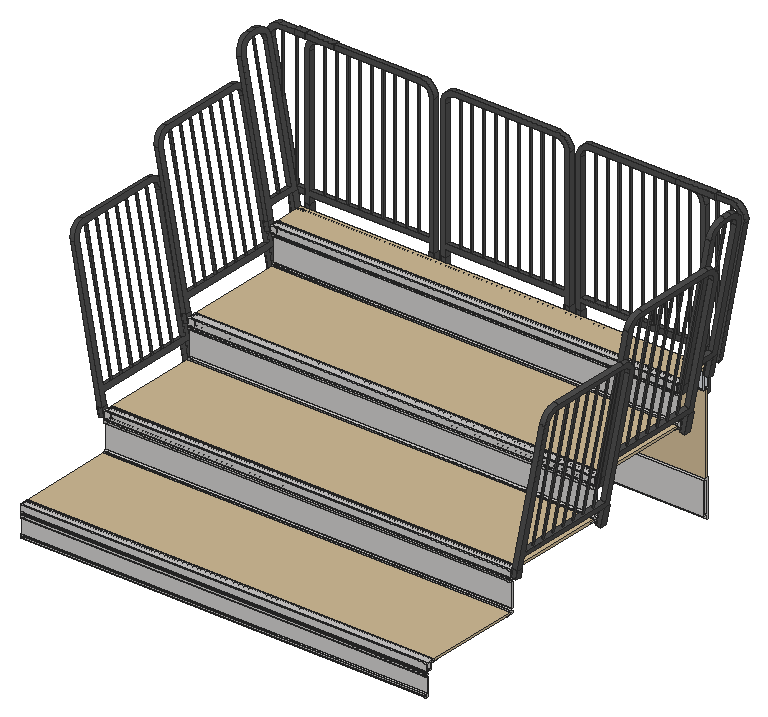
Revit family "Bleacher-Telescopic-Hussey-MAXAM_Plus-Portable-Simplified", category Specialty Equipment, Revit 2025 (continued)
Definition of nested family "Metro Chair-Single Row Array-Simplified"
  Definition of nested family "Metro Chair-Simplified"
    Automatic sketch dimensions
      curve 108 to curve 109 = 0' - 0 1/4"
      curve 107 to curve 108 = 0' - 0.06448"
      curve 107 to curve 108 = 0' - 0.11811"
      curve 157 to plane 5 "Front" = 0' - 0.55366"
      curve 155 to curve 156 = 0' - 0"
      curve 148 to plane 5 "Front" = 0' - 0.58776"
      curve 147 to curve 148 = 0' - 0"
      level to curve 105 = 0' - 0.07865"
      curve 105 to plane 26 "2D Armrest - Back" = 0' - 0.53407"
      level to curve 104 = 0' - 0.00008"
      curve 39 to plane 26 "2D Armrest - Back" = 0' - 0.43363"
      curve 6 to curve 39 = 0' - 0.00085"
      curve 2 to plane 26 "2D Armrest - Back" = 0' - 0.42975"
      curve 163 to plane 26 "2D Armrest - Back" = 0' - 0.42946"
      curve 21 to curve 5 = 0' - 0.00088"
      curve 4 to curve 2 = 0' - 0.01303"
      curve 5 to curve 4 = 0' - 0"
      curve 41 to curve 2 = 0' - 0.02986"
      curve 20 to curve 22 = 0' - 0.03735"
      curve 41 to curve 41 = 0' - 0.00937"
      curve 7 to curve 6 = 0' - 0.05712"
      curve 7 to curve 6 = 0' - 0.02126"
      curve 39 to plane 26 "2D Armrest - Back" = 0' - 0.33399"
      curve 9 to curve 7 = 0' - 0.02294"
      curve 19 to curve 20 = 0' - 0.0748"
      curve 10 to curve 8 = 0' - 0.02245"
      curve 11 to curve 9 = 0' - 0.01989"
      curve 11 to curve 10 = 0' - 0.01891"
      curve 12 to curve 11 = 0' - 0.01729"
      curve 13 to curve 12 = 0' - 0.01477"
      curve 15 to curve 13 = 0' - 0.01104"
      curve 19 to curve 19 = 0' - 0.09499"
      curve 90 to plane 26 "2D Armrest - Back" = 0' - 0.21411"
      curve 3 to plane 26 "2D Armrest - Back" = 0' - 0.13196"
      curve 4 to curve 3 = 0' - 0"
      curve 17 to plane 26 "2D Armrest - Back" = 0' - 0.07157"
      curve 16 to curve 17 = 0' - 0.00649"
      curve 15 to curve 16 = 0' - 0.00285"
      curve 37 to plane 26 "2D Armrest - Back" = 0' - 0.05487"
      curve 4 to plane 26 "2D Armrest - Back" = 0' - 0.02678"
      plane 26 "2D Armrest - Back" to curve 164 = 0' - 0.0265"
      plane 26 "2D Armrest - Back" to curve 36 = 0' - 0.13823"
      curve 34 to curve 35 = 0' - 0.22028"
      plane 26 "2D Armrest - Back" to curve 78 = 0' - 0.5385"
      curve 33 to curve 34 = 0' - 0.2399"
      curve 33 to curve 33 = 0' - 0.25134"
      plane 26 "2D Armrest - Back" to curve 156 = 0' - 0.855"
      plane 26 "2D Armrest - Back" to curve 39 = 0' - 0.93635"
      plane 26 "2D Armrest - Back" to curve 5 = 0' - 0.94809"
      curve 32 to curve 32 = 0' - 0.25424"
      curve 90 to curve 57 = 0' - 0.25258"
      curve 163 to curve 39 = 0' - 0.17798"
      curve 164 to curve 163 = 0' - 0"
      curve 91 to curve 90 = 0' - 0.01991"
      curve 55 to curve 157 = 0' - 0.00174"
      curve 42 to curve 163 = 0' - 0.02104"
      curve 55 to curve 55 = 0' - 0.11189"
      curve 31 to curve 31 = 0' - 0.24854"
      plane 7 "Host Level Offset Top" to curve 62 = 0' - 0.43561"
      plane 26 "2D Armrest - Back" to curve 62 = 0' - 1.3675"
      curve 53 to curve 54 = 0' - 0.26099"
      curve 29 to curve 30 = 0' - 0.23443"
      curve 52 to curve 54 = 0' - 0.16363"
      curve 53 to curve 54 = 0' - 0.29673"
      curve 29 to curve 29 = 0' - 0.21235"
      curve 80 to curve 52 = 0' - 0.33004"
      curve 80 to curve 80 = 0' - 0.00385"
      curve 28 to curve 28 = 0' - 0.30242"
      curve 80 to curve 80 = 0' - 0.20005"
      plane 26 "2D Armrest - Back" to curve 58 = 0' - 2.22497"
      curve 52 to curve 53 = 0' - 0.70545"
      curve 163 to curve 27 = 0' - 0.2719"
      curve 89 to curve 163 = 0' - 0"
      curve 81 to plane 7 "Host Level Offset Top" = 0' - 2.25832"
      curve 81 to curve 52 = 0' - 0.00648"
      curve 27 to curve 163 = 0' - 0.03033"
      curve 70 to curve 53 = 0' - 0.6365"
      curve 71 to curve 70 = 0' - 0"
      curve 69 to curve 80 = 0' - 0.25212"
      curve 70 to curve 69 = 0' - 0"
      curve 72 to curve 71 = 0' - 0.02189"
      curve 71 to curve 72 = 0' - 0"
      curve 68 to curve 69 = 0' - 0.0817"
      curve 69 to curve 68 = 0' - 0"
      curve 71 to curve 71 = 0' - 0.11708"
      curve 72 to curve 71 = 0' - 0 13/128"
      curve 63 to curve 69 = 0' - 0.1247"
      curve 25 to curve 26 = 0' - 0.30203"
      curve 72 to curve 71 = 0' - 0.15611"
      curve 67 to curve 63 = 0' - 0.07171"
      curve 69 to curve 68 = 0' - 0.23778"
      plane 26 "2D Armrest - Back" to curve 164 = 0' - 3.06065"
      plane 7 "Host Level Offset Top" to curve 78 = 0' - 0.79014"
      curve 78 to curve 63 = 0' - 0.82446"
      curve 68 to curve 72 = 0' - 1.22774"
      curve 58 to curve 58 = 0' - 1.7577"
      curve 58 to curve 58 = 0' - 0.07468"
      curve 59 to curve 58 = 0' - 0"
      curve 89 to curve 58 = 0' - 0"  (x2)
      curve 78 to curve 78 = 0' - 0.59893"
      curve 158 to curve 89 = 0' - 0.0615"
      curve 64 to curve 68 = 0' - 0.29448"
      curve 62 to curve 64 = 0' - 0.02752"
      curve 63 to curve 62 = 0' - 0"
      curve 66 to plane 7 "Host Level Offset Top" = 0' - 0.31451"
      curve 66 to curve 78 = 0' - 0.72907"
      curve 67 to curve 66 = 0' - 0"
      curve 137 to curve 164 = 0' - 1.17809"
      curve 66 to curve 67 = 0' - 0.06389"
      curve 48 to curve 25 = 0' - 1.63088"
      curve 158 to curve 48 = 0' - 0"
      curve 99 to plane 7 "Host Level Offset Top" = 0' - 0.32318"
      curve 99 to curve 67 = 0' - 0.1498"
      curve 48 to curve 158 = 0' - 0.02887"
      curve 166 to curve 48 = 0' - 0"
      curve 63 to curve 62 = 0' - 0.18742"
      curve 93 to curve 78 = 0' - 0.32885"
      curve 101 to plane 7 "Host Level Offset Top" = 0' - 0.39556"
      curve 61 to curve 63 = 0' - 0.06604"
      curve 64 to curve 61 = 0' - 0.01623"
      curve 65 to curve 64 = 0' - 0"
      curve 65 to curve 101 = 0' - 0.03202"
      curve 66 to curve 65 = 0' - 0"
      curve 88 to plane 7 "Host Level Offset Top" = 0' - 2.44628"
      curve 88 to curve 65 = 0' - 0.00823"
      curve 92 to curve 78 = 0' - 0.40904"
      curve 47 to curve 164 = 0' - 1.46411"
      curve 166 to curve 47 = 0' - 0"
      curve 61 to curve 64 = 0' - 0.14339"
      curve 82 to plane 7 "Host Level Offset Top" = 0' - 1.29242"
      curve 87 to plane 7 "Host Level Offset Top" = 0' - 1.4534"
      curve 93 to curve 92 = 0' - 0.16256"
      curve 83 to curve 82 = 0' - 0.05884"
      curve 112 to curve 92 = 0' - 0.13429"
      curve 60 to plane 7 "Host Level Offset Top" = 0' - 2.58206"
      curve 60 to curve 61 = 0' - 0.10332"
      curve 93 to curve 92 = 0' - 0.23493"
      plane 7 "Host Level Offset Top" to curve 100 = 0' - 0.62961"
      curve 100 to curve 94 = 0' - 0.09521"
      curve 98 to curve 100 = 0' - 0.03629"
      curve 86 to curve 87 = 0' - 0.15883"
      curve 83 to curve 86 = 0' - 0.01488"
      plane 7 "Host Level Offset Top" to curve 101 = 0' - 0 155/256"
      curve 101 to curve 100 = 0' - 0.07495"
      curve 98 to curve 98 = 0' - 0.07485"
      curve 98 to curve 98 = 0' - 0.02413"
      curve 83 to curve 82 = 0' - 0.156"
      curve 86 to curve 86 = 0' - 0.19966"
      curve 143 to curve 158 = 0' - 0.82017"
      curve 161 to curve 143 = 0' - 0.03769"
      curve 49 to curve 161 = 0' - 0.14321"
      curve 95 to curve 94 = 0' - 0.5613"
      plane 7 "Host Level Offset Top" to curve 96 = 0' - 0.67221"
      curve 96 to curve 98 = 0' - 0.37473"
      curve 95 to curve 94 = 0' - 0.07241"
      curve 137 to curve 49 = 0' - 0.13468"
      curve 43 to curve 161 = 0' - 0.38511"
      curve 49 to curve 43 = 0' - 0"
      curve 86 to curve 86 = 0' - 0.46645"
      curve 85 to curve 86 = 0' - 0"
      curve 84 to curve 61 = 0' - 0 97/128"
      plane 7 "Host Level Offset Top" to curve 97 = 0' - 0.59992"
      curve 97 to curve 96 = 0' - 0.22453"
      curve 59 to curve 84 = 0' - 0.01633"
      curve 95 to curve 95 = 0' - 0.22491"
      curve 84 to curve 84 = 0' - 0.041"
      curve 85 to curve 84 = 0' - 0 1/16"
      curve 84 to curve 85 = 0' - 0"
      curve 47 to curve 137 = 0' - 1.26275"
      curve 50 to curve 47 = 0' - 0"
      curve 67 to curve 137 = 0' - 0.30721"
      curve 25 to curve 48 = 0' - 1.30621"
      curve 50 to curve 50 = 0' - 0.21068"
      curve 46 to curve 50 = 0' - 0.09855"
      plane 7 "Host Level Offset Top" to curve 96 = 0' - 2.90605"
      curve 51 to curve 50 = 0' - 0.34523"
      curve 165 to curve 24 = 0' - 0.39092"
      curve 75 to curve 165 = 0' - 0"
      curve 44 to curve 47 = 0' - 1.54354"
      curve 165 to curve 44 = 0' - 0"
      level to curve 77 = 0' - 5.00581"
      curve 75 to curve 24 = 0' - 0.5061"
      curve 43 to curve 75 = 0' - 0"
      curve 46 to curve 51 = 0' - 0.14782"
      curve 45 to curve 51 = 0' - 0.293"
      curve 44 to curve 45 = 0' - 0"
      curve 102 to plane 27 "2D Armrest - Front" = 0' - 3.86174"
      curve 51 to curve 44 = 0' - 0.05491"
      curve 45 to curve 51 = 0' - 0"
      curve 24 to curve 75 = 0' - 1.13647"
      curve 136 to curve 42 = 0' - 0.86248"
      curve 73 to curve 136 = 0' - 0.00009"
      curve 24 to plane 27 "2D Armrest - Front" = 0' - 2.10928"
      curve 45 to curve 136 = 0' - 0.92052"
      curve 76 to curve 45 = 0' - 0.02594"
      curve 3 to curve 76 = 0' - 0"
      curve 74 to curve 45 = 0' - 0.11091"
      curve 76 to curve 74 = 0' - 0.0199"
      curve 74 to curve 74 = 0' - 0.11847"
      curve 130 to curve 74 = 0' - 0.00426"
      curve 130 to curve 23 = 0' - 0.19054"
      curve 131 to curve 3 = 0' - 0.41781"
      curve 40 to curve 76 = 0' - 0.40558"
      curve 40 to curve 40 = 0' - 0.00938"
      curve 74 to curve 74 = 0' - 0.48174"
      curve 136 to curve 74 = 0' - 0"
      curve 76 to curve 40 = 0' - 0.06507"
      curve 73 to curve 2 = 0' - 0.0231"
      curve 160 to plane 27 "2D Armrest - Front" = 0' - 0.6397"
      curve 136 to curve 131 = 0' - 0.00496"
      curve 134 to curve 73 = 0' - 0.22758"
      curve 130 to plane 27 "2D Armrest - Front" = 0' - 0.33111"
      curve 161 to plane 27 "2D Armrest - Front" = 0' - 0.09808"
      curve 135 to plane 27 "2D Armrest - Front" = 0' - 0.08963"
      plane 27 "2D Armrest - Front" to curve 131 = 0' - 0.00515"
      plane 27 "2D Armrest - Front" to curve 162 = 0' - 0.05514"
      plane 27 "2D Armrest - Front" to curve 129 = 0' - 0.15185"
      plane 27 "2D Armrest - Front" to curve 160 = 0' - 0.20836"
      curve 162 to curve 160 = 0' - 0"
      plane 27 "2D Armrest - Front" to curve 129 = 0' - 0 9/32"
      plane 27 "2D Armrest - Front" to curve 143 = 0' - 0.30279"
      curve 142 to curve 143 = 0' - 0"
      plane 27 "2D Armrest - Front" to curve 133 = 0' - 0.66488"
      curve 47 to curve 129 = 0' - 0.58883"
      curve 132 to curve 47 = 0' - 0.29753"
      curve 44 to curve 132 = 0' - 0.09752"
      plane 27 "2D Armrest - Front" to curve 159 = 0' - 1.59528"
      curve 146 to curve 159 = 0' - 0.04945"
      curve 159 to curve 159 = 0' - 0.09355"
      curve 160 to curve 159 = 0' - 0"
      curve 127 to curve 44 = 0' - 1.78449"
      curve 133 to curve 127 = 0' - 0.03"
      curve 127 to curve 127 = 0' - 0.12941"
      curve 141 to curve 160 = 0' - 1.74489"
      curve 142 to curve 141 = 0' - 0"
      curve 126 to curve 127 = 0' - 0.48297"
      curve 146 to curve 141 = 0' - 1.44211"
      curve 138 to curve 146 = 0' - 0"
      curve 141 to plane 7 "Host Level Offset Top" = 0' - 2.95234"
      curve 141 to curve 146 = 0' - 0.78875"
      curve 138 to curve 138 = 0' - 1.55688"
      curve 139 to curve 138 = 0' - 0"
      curve 145 to curve 138 = 0' - 0.14966"
      curve 139 to curve 138 = 0' - 0.15823"
      curve 145 to curve 139 = 0' - 0"
      curve 139 to curve 139 = 0' - 0.06343"
      curve 144 to curve 145 = 0' - 0.12496"
      curve 141 to curve 144 = 0' - 0.04062"
      curve 144 to curve 141 = 0' - 0"
      curve 138 to curve 141 = 0' - 1.20309"
      curve 144 to curve 144 = 0' - 0 1/4"
      curve 140 to curve 145 = 0' - 0 3/8"
      plane 27 "2D Armrest - Front" to curve 42 = 0' - 7.46407"
      curve 166 to curve 141 = 0' - 2.59762"
      plane 27 "2D Armrest - Front" to curve 148 = 1' - 1.67673"
      curve 146 to plane 6 "Host Level Offset Bottom" = 0' - 2.52375"
      curve 146 to curve 42 = 0' - 7.86841"
      curve 165 to curve 166 = 0' - 10.58764"
      curve 75 to curve 165 = 0' - 4.48505"
      plane 27 "2D Armrest - Front" to curve 142 = 2' - 1.49874"
      plane 27 "2D Armrest - Front" to curve 22 = 2' - 8.12853"
      curve 2 to curve 22 = 0' - 0.00037"
      curve 3 to curve 2 = 0' - 0.01779"
      curve 48 to plane 7 "Host Level Offset Top" = 0' - 11.28697"
      curve 48 to curve 75 = 2' - 11.60752"
      plane 5 "Front" to curve 120 = 0' - 0 1/16"
      curve 148 to plane 14 "Attachment to Riser" = 0' - 0.24601"
      curve 149 to curve 148 = 0' - 0"
      curve 119 to plane 14 "Attachment to Riser" = 0' - 0 1/16"
      curve 122 to plane 14 "Attachment to Riser" = 0' - 0 1/16"
      plane 14 "Attachment to Riser" to curve 143 = 0' - 0.30921"
      plane 14 "Attachment to Riser" to curve 154 = 0' - 1.3076"
      curve 155 to curve 154 = 0' - 0"
      plane 14 "Attachment to Riser" to curve 149 = 0' - 1.36844"
      curve 150 to curve 149 = 0' - 0"
      plane 14 "Attachment to Riser" to curve 85 = 0' - 1.60613"
      curve 149 to curve 151 = 0' - 0.79141"
      curve 150 to curve 151 = 0' - 0.11422"
      curve 150 to curve 151 = 0' - 0.25229"
      curve 151 to curve 152 = 0' - 0"  (x2)
      curve 151 to curve 153 = 0' - 0.18272"
      curve 152 to curve 152 = 0' - 0.1839"
      curve 153 to curve 153 = 0' - 0.28476"
      curve 154 to curve 150 = 0' - 0.40406"
      plane 14 "Attachment to Riser" to curve 49 = 0' - 3.57393"
      curve 150 to curve 149 = 0' - 3.59015"
      curve 49 to curve 43 = 0' - 3.44678"
      curve 149 to curve 154 = 0' - 0.97606"
      curve 43 to curve 90 = 0' - 1.0578"
      curve 89 to plane 7 "Host Level Offset Top" = 0' - 2.16194"
      curve 90 to curve 89 = 0' - 0.32978"
      curve 43 to curve 147 = 0' - 1.5269"
      curve 158 to plane 7 "Host Level Offset Top" = 1' - 0.63033"
      curve 147 to curve 158 = 1' - 7.96726"
      plane 6 "Host Level Offset Bottom" to curve 155 = 0' - 3.27369"
      curve 158 to curve 155 = 3' - 7.00623"
      curve 57 to plane 6 "Host Level Offset Bottom" = 1' - 1.14626"
      curve 155 to curve 57 = 4' - 1.77768"
      curve 2 to curve 22 = 0' - 0.0022"
      curve 3 to curve 2 = 0' - 0.10215"
      curve 42 to plane 6 "Host Level Offset Bottom" = 0' - 11.46716"
      curve 105 to curve 105 = 0' - 0.4867"
      curve 105 to curve 107 = 0' - 0.26152"
      curve 107 to curve 116 = 0' - 0.56797"
      curve 115 to curve 121 = 0' - 0 1/16"
      curve 119 to curve 118 = 0' - 0 15/16"
      curve 108 to curve 111 = 0' - 1 5/8"
      curve 109 to curve 124 = 0' - 0 5/8"
      curve 111 to curve 111 = 0' - 0 1/4"
      curve 123 to curve 123 = 0' - 0 15/16"
      curve 121 to curve 115 = 0' - 0 1/16"
      curve 92 to curve 93 = 0' - 0.76296"
      curve 92 to curve 93 = 0' - 0.02469"
      curve 95 to curve 95 = 0' - 0.07242"
      curve 83 to curve 83 = 0' - 0.06624"
      curve 87 to curve 87 = 0' - 0.07406"
      curve 79 to curve 70 = 0' - 0.1136"
      curve 80 to curve 80 = 0' - 0.13095"
      curve 52 to curve 52 = 0' - 0.32896"
      curve 53 to curve 53 = 0' - 0.17986"
      curve 53 to curve 54 = 0' - 0.97126"
      curve 56 to curve 157 = 0' - 0.08073"
      curve 90 to curve 57 = 0' - 0.05599"
      curve 49 to curve 161 = 0' - 0.00445"
      curve 89 to curve 90 = 0' - 4.05224"
      curve 147 to curve 43 = 0' - 1.70385"
      curve 33 to curve 90 = 0' - 0.61468"
      curve 32 to curve 32 = 0' - 0.00764"
      curve 32 to curve 34 = 0' - 0 5/128"
      curve 31 to curve 30 = 0' - 0.05408"
      curve 33 to curve 35 = 0' - 0.08453"
      curve 30 to curve 29 = 0' - 0.0987"
      curve 34 to curve 36 = 0' - 0.12718"
      curve 29 to curve 28 = 0' - 0.14002"
      curve 37 to curve 90 = 0' - 0.19834"
      curve 28 to curve 163 = 0' - 0.181"
      curve 163 to curve 26 = 0' - 0.06167"
      curve 37 to curve 39 = 0' - 0.22434"
      curve 39 to curve 164 = 0' - 0.43076"
      curve 39 to curve 6 = 0' - 0.00784"
      curve 6 to curve 6 = 0' - 0.32494"
      curve 6 to curve 7 = 0' - 0.09717"
      curve 7 to curve 8 = 0' - 0.1049"
      curve 8 to curve 10 = 0' - 0.105"
      curve 9 to curve 10 = 0' - 0.09644"
      curve 10 to curve 12 = 0' - 0.09664"
      curve 11 to curve 13 = 0' - 0.09694"
      curve 12 to curve 13 = 0' - 0.09736"
      curve 13 to curve 14 = 0' - 0.09785"
      curve 147 to curve 16 = 0' - 0.1063"
      curve 15 to curve 17 = 0' - 0.06187"
      curve 14 to curve 19 = 0' - 0.10984"
      curve 141 to curve 166 = 0' - 4.29751"
      curve 19 to curve 18 = 0' - 0.01892"
      curve 16 to curve 18 = 0' - 0.06159"
      curve 20 to curve 2 = 0' - 0.19131"
      curve 21 to curve 5 = 0' - 0.04047"
      curve 130 to curve 76 = 0' - 1.68887"
      curve 130 to curve 47 = 0' - 0.17122"
      curve 47 to curve 128 = 0' - 0.11811"
      curve 128 to curve 135 = 0' - 0.35355"
      curve 135 to curve 135 = 0' - 0.0647"
      curve 74 to curve 130 = 0' - 0.00097"
      curve 47 to curve 128 = 0' - 0.89457"
      curve 47 to curve 132 = 0' - 1.07138"
      curve 132 to curve 44 = 0' - 0.06826"
      curve 127 to curve 127 = 0' - 0.48297"
      curve 73 to curve 136 = 0' - 0.00048"
      curve 73 to curve 134 = 0' - 0.07164"
      curve 153 to curve 153 = 0' - 0.13457"
      curve 153 to curve 151 = 0' - 0.08911"
    Nested families (in)
      nested 1: "Metro Chair-2D Plan" at (-109.5, -12, 17), type "Metro Chair-2D Plan"
    Definition of nested family "Metro Chair-2D Plan"
      Parameters
        Default Elevation = 0' - 0"
        Created By = "Revitus"  # constant formula
        Creator URL = "http://www.revituspro.com/"
      Reference planes (in)
        plane 1 "Center (Front/Back)": y = 0
        plane 2: z = 0
        plane 3 "Center (Left/Right)": x = 0
      Lines and regions (in)
        Masking region 1
          outline origin (109.57707, 11.99477, 0) x (1, 0, 0) y (0, 1, 0)
            loop
              arc (-114.44926, -8.83618) -> (-115.08126, -8.94929) -> (-115.70753, -9.0907) r 14.27785
              arc (-115.70753, -9.0907) -> (-116.20556, -9.23429) -> (-116.68883, -9.42164) r 5.81636
              arc (-116.68883, -9.42164) -> (-117.011, -9.59758) -> (-117.29313, -9.83243) r 1.89191
              arc (-117.29313, -9.83243) -> (-117.46059, -10.07738) -> (-117.54238, -10.36259) r 0.93009
              arc (-117.54238, -10.36259) -> (-117.55749, -10.5444) -> (-117.57095, -10.72635) r 20.12699
              arc (-117.57095, -10.72635) -> (-117.64499, -12.08845) -> (-117.89752, -13.42899) r 10.34978
              arc (-117.89752, -13.42899) -> (-117.97658, -13.7437) -> (-118.05726, -14.05799) r 63.50731
              line (-118.05726, -14.05799) -> (-118.08112, -14.15075)
              arc (-118.08112, -14.15075) -> (-118.14175, -14.38729) -> (-118.20133, -14.6241) r 54.94124
              arc (-118.20133, -14.6241) -> (-118.26569, -14.90445) -> (-118.31945, -15.18701) r 7.64437
              arc (-118.31945, -15.18701) -> (-118.40719, -15.84832) -> (-118.46583, -16.51284) r 15.2029
              line (-118.46583, -16.51284) -> (-118.4805, -16.69575) -> (-118.50241, -16.95935) -> (-118.53395, -17.335)
              arc (-118.53395, -17.335) -> (-118.457, -17.48387) -> (-118.30054, -17.54391) r 0.23557
              line (-118.30054, -17.54391) -> (-117.18551, -17.53971)
              arc (-117.18551, -17.53971) -> (-117.00993, -17.46042) -> (-116.94956, -17.27747) r 0.23949
              arc (-116.94956, -17.27747) -> (-116.95084, -17.04557) -> (-116.94811, -16.81367) r 13.38597
              arc (-116.94811, -16.81367) -> (-116.90069, -16.27266) -> (-116.81229, -15.73681) r 7.14097
              arc (-116.81229, -15.73681) -> (-116.66021, -15.11684) -> (-116.44157, -14.51709) r 5.85858
              arc (-116.44157, -14.51709) -> (-116.36868, -14.35986) -> (-116.28861, -14.20616) r 3.75283
              arc (-116.28861, -14.20616) -> (-116.00556, -14.05744) -> (-115.70156, -13.95837) r 1.89664
              arc (-115.70156, -13.95837) -> (-115.42559, -13.88799) -> (-115.1478, -13.82518) r 10.42316
              arc (-115.1478, -13.82518) -> (-114.81268, -13.75676) -> (-114.47641, -13.69417) r 19.68683
              arc (-114.47641, -13.69417) -> (-114.06818, -13.62437) -> (-113.65908, -13.55986) r 31.98673
              arc (-113.65908, -13.55986) -> (-113.11985, -13.48242) -> (-112.57949, -13.4133) r 35.32242
              arc (-112.57949, -13.4133) -> (-111.80159, -13.32905) -> (-111.02176, -13.26518) r 29.90804
              arc (-111.02176, -13.26518) -> (-110.29984, -13.2277) -> (-109.57707, -13.21444) r 21.56131
              arc (-109.57707, -13.21444) -> (-108.8543, -13.2277) -> (-108.13238, -13.26518) r 21.56131
              arc (-108.13238, -13.26518) -> (-107.35254, -13.32905) -> (-106.57464, -13.4133) r 29.90804
              arc (-106.57464, -13.4133) -> (-106.03429, -13.48242) -> (-105.49506, -13.55986) r 35.32242
              arc (-105.49506, -13.55986) -> (-105.08596, -13.62437) -> (-104.67772, -13.69417) r 31.98673
              arc (-104.67772, -13.69417) -> (-104.34146, -13.75676) -> (-104.00633, -13.82518) r 19.68683
              arc (-104.00633, -13.82518) -> (-103.72854, -13.88799) -> (-103.45258, -13.95837) r 10.42316
              arc (-103.45258, -13.95837) -> (-103.14857, -14.05744) -> (-102.86553, -14.20616) r 1.89664
              arc (-102.86553, -14.20616) -> (-102.78546, -14.35986) -> (-102.71256, -14.51709) r 3.75283
              arc (-102.71256, -14.51709) -> (-102.49393, -15.11684) -> (-102.34184, -15.73681) r 5.85858
              arc (-102.34184, -15.73681) -> (-102.25344, -16.27266) -> (-102.20603, -16.81367) r 7.14097
              arc (-102.20603, -16.81367) -> (-102.20329, -17.04557) -> (-102.20457, -17.27747) r 13.38597
              arc (-102.20457, -17.27747) -> (-102.1442, -17.46042) -> (-101.96863, -17.53971) r 0.23949
              line (-101.96863, -17.53971) -> (-100.8536, -17.54391)
              arc (-100.8536, -17.54391) -> (-100.69714, -17.48387) -> (-100.62018, -17.335) r 0.23557
              line (-100.62018, -17.335) -> (-100.65173, -16.95935) -> (-100.67363, -16.69575) -> (-100.6883, -16.51284)
              arc (-100.6883, -16.51284) -> (-100.74694, -15.84832) -> (-100.83468, -15.18701) r 15.2029
              arc (-100.83468, -15.18701) -> (-100.88845, -14.90445) -> (-100.95281, -14.6241) r 7.64437
              arc (-100.95281, -14.6241) -> (-101.01238, -14.38729) -> (-101.07301, -14.15075) r 54.94124
              line (-101.07301, -14.15075) -> (-101.09687, -14.05799)
              arc (-101.09687, -14.05799) -> (-101.17755, -13.7437) -> (-101.25662, -13.42899) r 63.50731
              arc (-101.25662, -13.42899) -> (-101.50915, -12.08845) -> (-101.58318, -10.72635) r 10.34978
              arc (-101.58318, -10.72635) -> (-101.59664, -10.5444) -> (-101.61175, -10.36259) r 20.12699
              arc (-101.61175, -10.36259) -> (-101.69355, -10.07738) -> (-101.861, -9.83243) r 0.93009
              arc (-101.861, -9.83243) -> (-102.14313, -9.59758) -> (-102.4653, -9.42164) r 1.89191
              arc (-102.4653, -9.42164) -> (-102.94857, -9.23429) -> (-103.4466, -9.0907) r 5.81636
              arc (-103.4466, -9.0907) -> (-104.07288, -8.94929) -> (-104.70487, -8.83618) r 14.27785
              arc (-104.70487, -8.83618) -> (-105.42099, -8.73397) -> (-106.13987, -8.65342) r 23.97251
              arc (-106.13987, -8.65342) -> (-106.95432, -8.58448) -> (-107.77027, -8.53637) r 31.99767
              arc (-107.77027, -8.53637) -> (-108.67343, -8.50495) -> (-109.57707, -8.49477) r 38.43776
              arc (-109.57707, -8.49477) -> (-110.48071, -8.50495) -> (-111.38386, -8.53637) r 38.43776
              arc (-111.38386, -8.53637) -> (-112.19981, -8.58448) -> (-113.01427, -8.65342) r 31.99767
              arc (-113.01427, -8.65342) -> (-113.73314, -8.73397) -> (-114.44926, -8.83618) r 23.97251
            loop
              arc (-109.57707, -14.03505) -> (-112.00982, -14.13419) -> (-114.43848, -14.30649) r 80.89249
              arc (-114.43848, -14.30649) -> (-114.78323, -14.35257) -> (-115.12523, -14.4159) r 6.92664
              arc (-115.12523, -14.4159) -> (-115.74074, -14.72617) -> (-116.14273, -15.2861) r 1.4462
              arc (-116.14273, -15.2861) -> (-116.21214, -15.58271) -> (-116.25854, -15.88377) r 3.9602
              arc (-116.25854, -15.88377) -> (-116.31031, -16.70559) -> (-116.32416, -17.52892) r 17.86323
              arc (-116.32416, -17.52892) -> (-116.33953, -17.85271) -> (-116.36909, -18.17552) r 7.39074
              arc (-116.36909, -18.17552) -> (-116.49609, -18.69425) -> (-116.71446, -19.18161) r 2.9527
              arc (-116.71446, -19.18161) -> (-117.10122, -19.91263) -> (-117.25753, -20.72475) r 2.79982
              arc (-117.25753, -20.72475) -> (-117.22822, -21.15131) -> (-117.20422, -21.5782) r 34.37689
              arc (-117.20422, -21.5782) -> (-117.11629, -21.80862) -> (-116.95159, -21.99218) r 0.67622
              arc (-116.95159, -21.99218) -> (-116.37688, -22.30061) -> (-115.75605, -22.5006) r 3.60984
              arc (-115.75605, -22.5006) -> (-112.68598, -23.01834) -> (-109.57707, -23.18583) r 27.50676
              arc (-109.57707, -23.18583) -> (-106.46816, -23.01834) -> (-103.39809, -22.5006) r 27.50676
              arc (-103.39809, -22.5006) -> (-102.77726, -22.30061) -> (-102.20255, -21.99218) r 3.60984
              arc (-102.20255, -21.99218) -> (-102.03784, -21.80862) -> (-101.94991, -21.5782) r 0.67622
              arc (-101.94991, -21.5782) -> (-101.92591, -21.15131) -> (-101.8966, -20.72475) r 34.37689
              arc (-101.8966, -20.72475) -> (-102.05292, -19.91263) -> (-102.43967, -19.18161) r 2.79982
              arc (-102.43967, -19.18161) -> (-102.65804, -18.69425) -> (-102.78505, -18.17552) r 2.9527
              arc (-102.78505, -18.17552) -> (-102.8146, -17.85271) -> (-102.82998, -17.52892) r 7.39074
              arc (-102.82998, -17.52892) -> (-102.84382, -16.70559) -> (-102.89559, -15.88377) r 17.86323
              arc (-102.89559, -15.88377) -> (-102.942, -15.58271) -> (-103.0114, -15.2861) r 3.9602
              arc (-103.0114, -15.2861) -> (-103.41339, -14.72617) -> (-104.0289, -14.4159) r 1.4462
              arc (-104.0289, -14.4159) -> (-104.37091, -14.35257) -> (-104.71566, -14.30649) r 6.92664
              arc (-104.71566, -14.30649) -> (-107.14432, -14.13419) -> (-109.57707, -14.03505) r 80.89249
      Dimensions and locks (in)
        aligned and locked: level to plane 2
  Definition of nested family "Metro Chair-Folded-Simplified"
    Parameters
      URL = "http://www.husseyseating.com/"
      Stanchion Color = none
      Show Metro Chair = yes
      Show Cup Holders = yes
      Show Arms = yes
      Seat Width = 1' - 9"
      Seat Color = none
      Seat Back Color = none
      No Arms = not(Show Arms)  # no
      Model = "Metro Chair"
      Manufacturer = "Hussey Seating Company"  # constant formula
      Default Elevation = 0' - 0"
      Created By = "Revitus"  # constant formula
      Creator URL = "http://www.revituspro.com/"
      Assembly Code = ""
    Reference planes (in)
      plane 1: z = 0
      plane 2 "Center (Left/Right)": x = -109.5
      plane 3 "Left": x = -120
      plane 4 "Right": x = -99
      plane 5 "Front": y = -12
      plane 6 "Host Level Offset Bottom": z = -8
      plane 7 "Host Level Offset Top": z = 8
      plane 8: x = -100.1875
      plane 9: x = -97.8125
      plane 10: x = -118.8125
      plane 11: x = -121.1875
      plane 12 "Seat - Right": x = -101
      plane 13 "Seat - Left": x = -118
      plane 14: x = -98.0625
      plane 15: x = -99.9375
      plane 16: x = -120.9375
      plane 17: x = -119.0625
      plane 18: x = -99.5
      plane 19: x = -98.5
      plane 20: x = -119.5
      plane 21: x = -120.5
      plane 22: x = -102.5
      plane 23: x = -116.5
      plane 24 "Attachment to Riser": y = -10.625
      plane 25: y = -13.36174
      plane 26: y = -23.61174
    Lines and regions (in)
      Masking region 1, visible <- "Show Arms"
        outline origin (0, 0, 8) x (0, -1, 0) y (1, 0, 0)
          loop
            arc (23.61174, -119.8125) -> (23.31885, -119.10539) -> (22.61174, -118.8125) r 1
            line (22.61174, -118.8125) -> (14.36174, -118.8125)
            arc (14.36174, -118.8125) -> (13.65463, -119.10539) -> (13.36174, -119.8125) r 1
            line (13.36174, -119.8125) -> (13.36174, -120.1875)
            arc (13.36174, -120.1875) -> (13.65463, -120.89461) -> (14.36174, -121.1875) r 1
            line (14.36174, -121.1875) -> (22.61174, -121.1875)
            arc (22.61174, -121.1875) -> (23.31885, -120.89461) -> (23.61174, -120.1875) r 1
            line (23.61174, -120.1875) -> (23.61174, -119.8125)
      Masking region 2, visible <- "Show Arms"
        outline origin (0, 0, 8) x (0, -1, 0) y (1, 0, 0)
          loop
            line (13.36174, -98.8125) -> (13.36174, -99.1875)
            arc (13.36174, -99.1875) -> (13.65463, -99.89461) -> (14.36174, -100.1875) r 1
            line (14.36174, -100.1875) -> (22.61174, -100.1875)
            arc (22.61174, -100.1875) -> (23.31885, -99.89461) -> (23.61174, -99.1875) r 1
            line (23.61174, -99.1875) -> (23.61174, -98.8125)
            arc (23.61174, -98.8125) -> (23.31885, -98.10539) -> (22.61174, -97.8125) r 1
            line (22.61174, -97.8125) -> (14.36174, -97.8125)
            arc (14.36174, -97.8125) -> (13.65463, -98.10539) -> (13.36174, -98.8125) r 1
      model lines, visible <- "Show Metro Chair"
        curve 1: line (-120, -6.06648, 0) -> (-99, -6.06648, 0)
      model lines
        curve 2: line (-109.5, -19.75, 4.93608) -> (-109.5, -19.75, 0.00008)
        curve 3: line (-109.5, -19.75, 0.00008) -> (-109.5, -12.90623, 0.00008)
        curve 4: arc (-109.5, -12.90623, 0.00008) -> (-109.5, -12.85068, 0.02309) -> (-109.5, -12.82767, 0.07865) r 0.07856
        curve 5: line (-109.5, -12.82767, 0.07865) -> (-109.5, -12.82767, 0.56535)
        curve 6: line (-109.5, -12.82767, 0.56535) -> (-109.5, -12.31448, 0.82687)
        curve 7: arc (-109.5, -12.31448, 0.82687) -> (-109.5, -12.2674, 0.8704) -> (-109.5, -12.25, 0.93211) r 0.11811
        curve 8: line (-109.5, -12.25, 0.93211) -> (-109.5, -12.25, 3.87508)
        curve 9: line (-109.5, -12.25, 3.87508) -> (-109.5, -12, 3.87508)
        curve 10: line (-109.5, -12, 5.25008) -> (-109.5, -12.25, 5.25008)
        curve 11: line (-109.5, -12.25, 5.25008) -> (-109.5, -12.25, 5.50008)
        curve 12: line (-109.5, -12.25, 5.50008) -> (-109.5, -17.9828, 5.50008)
        curve 13: line (-109.5, -17.9828, 5.50008) -> (-109.5, -19.75, 4.93608)
        curve 14: line (-109.5, -10.625, 5.50008) -> (-109.5, -12, 5.50008)
        curve 15: line (-109.5, -12, 5.50008) -> (-109.5, -12, 1.50008)
        curve 16: line (-109.5, -12, 1.50008) -> (-109.5, -10.625, 1.50008)
        curve 17: line (-109.5, -10.625, 1.50008) -> (-109.5, -10.625, 2.50008)
        curve 18: line (-109.5, -10.625, 2.50008) -> (-109.5, -10.6875, 2.50008)
        curve 19: line (-109.5, -10.6875, 2.50008) -> (-109.5, -10.6875, 1.56258)
        curve 20: line (-109.5, -10.6875, 1.56258) -> (-109.5, -11.9375, 1.56258)
        curve 21: line (-109.5, -11.9375, 1.56258) -> (-109.5, -11.9375, 5.43758)
        curve 22: line (-109.5, -11.9375, 5.43758) -> (-109.5, -10.6875, 5.43758)
        curve 23: line (-109.5, -10.6875, 5.43758) -> (-109.5, -10.6875, 4.50008)
        curve 24: line (-109.5, -10.6875, 4.50008) -> (-109.5, -10.625, 4.50008)
        curve 25: line (-109.5, -10.625, 4.50008) -> (-109.5, -10.625, 5.50008)
        curve 79: line (-109.5, -26.59825, 4.43914) -> (-109.5, -27.13896, 4.99906)
        curve 80: arc (-109.5, -27.13896, 4.99906) -> (-109.5, -27.24097, 5.06956) -> (-109.5, -27.36229, 5.09521) r 0.31496
        curve 81: line (-109.5, -27.36229, 5.09521) -> (-109.5, -28.36561, 5.02577)
        curve 82: line (-109.5, -28.36561, 5.02577) -> (-109.5, -29.34722, 4.80611)
        curve 83: line (-109.5, -29.34722, 4.80611) -> (-109.5, -29.42411, 4.78147)
        curve 84: arc (-109.5, -29.42411, 4.78147) -> (-109.5, -29.93232, 4.74956) -> (-109.5, -30.44065, 4.71964) r 129.75863
        curve 85: arc (-109.5, -32.16592, 0.81768) -> (-109.5, -32.08179, 0.80544) -> (-109.5, -31.99722, 0.79679) r 2
        curve 86: arc (-109.5, -31.99722, 0.79679) -> (-109.5, -29.12693, 0.81369) -> (-109.5, -26.30249, 1.32499) r 16.59303
        curve 87: line (-109.5, -26.30249, 1.32499) -> (-109.5, -25.91824, 2.27604)
        curve 88: arc (-109.5, -25.91824, 2.27604) -> (-109.5, -25.91094, 2.37102) -> (-109.5, -25.95973, 2.45283) r 0.15748
        curve 89: arc (-109.5, -27.59462, 3.73928) -> (-109.5, -27.00964, 3.10552) -> (-109.5, -26.31086, 2.59999) r 4.33877
        curve 90: arc (-109.5, -26.31086, 2.59999) -> (-109.5, -26.19651, 2.53763) -> (-109.5, -26.0789, 2.48164) r 2.37018
        curve 91: arc (-109.5, -26.0789, 2.48164) -> (-109.5, -25.98938, 2.45525) -> (-109.5, -25.89607, 2.45758) r 0.30062
        curve 92: arc (-109.5, -25.18928, 4.54897) -> (-109.5, -25.30621, 4.61616) -> (-109.5, -25.42776, 4.67458) r 1.83579
        curve 93: arc (-109.5, -25.42776, 4.67458) -> (-109.5, -25.5207, 4.69948) -> (-109.5, -25.61686, 4.69588) r 0.32285
        curve 94: arc (-109.5, -25.61686, 4.69588) -> (-109.5, -26.60289, 4.43758) -> (-109.5, -27.54384, 4.0457) r 7.36967
        curve 95: arc (-109.5, -27.54384, 4.0457) -> (-109.5, -27.56839, 4.02929) -> (-109.5, -27.58811, 4.00731) r 0.11811
        curve 96: arc (-109.5, -27.58811, 4.00731) -> (-109.5, -27.63145, 3.87427) -> (-109.5, -27.59462, 3.73928) r 0.2441
        curve 97: line (-109.5, -22.47081, 4.29826) -> (-109.5, -25.6554, 5.15676)
        curve 98: arc (-109.5, -25.6554, 5.15676) -> (-109.5, -25.78878, 5.15278) -> (-109.5, -25.89865, 5.07707) r 0.23588
        curve 99: line (-109.5, -25.89865, 5.07707) -> (-109.5, -26.34797, 4.51847)
        curve 100: line (-109.5, -24.72837, 2.78161) -> (-109.5, -24.58577, 2.6441)
        curve 101: arc (-109.5, -24.58577, 2.6441) -> (-109.5, -24.486, 2.57689) -> (-109.5, -24.36729, 2.55746) r 0.2815
        curve 102: arc (-109.5, -26.29439, 1.34505) -> (-109.5, -26.28155, 1.27838) -> (-109.5, -26.21548, 1.26276) r 0.0625
        curve 103: arc (-109.5, -26.21548, 1.26276) -> (-109.5, -25.5342, 1.53426) -> (-109.5, -24.87503, 1.85574) r 9.84252
        curve 104: arc (-109.5, -24.87503, 1.85574) -> (-109.5, -24.63109, 2.199) -> (-109.5, -24.75795, 2.60055) r 0.47244
        curve 105: line (-109.5, -24.75795, 2.60055) -> (-109.5, -24.87969, 2.72661)
        curve 106: line (-109.5, -25.84071, 2.46794) -> (-109.5, -25.91824, 2.27604)
        curve 107: arc (-109.5, -31.99722, 0.79679) -> (-109.5, -33.76648, 1.03627) -> (-109.5, -35.49977, 1.46446) r 16.59303
        curve 108: arc (-109.5, -30.30548, 4.49905) -> (-109.5, -33.06306, 3.8534) -> (-109.5, -35.89512, 3.87626) r 11.92465
        curve 109: line (-109.5, -30.30548, 4.49905) -> (-109.5, -29.42411, 4.78147)
        curve 120: arc (-109.5, -43.9138, 3.61898) -> (-109.5, -42.56145, 3.55131) -> (-109.5, -41.2139, 3.4188) r 28.20153
        curve 121: arc (-109.5, -46.86231, 4.31119) -> (-109.5, -45.42358, 3.81374) -> (-109.5, -43.9138, 3.61898) r 7.45326
        curve 122: arc (-109.5, -47.64012, 4.88038) -> (-109.5, -47.27927, 4.55745) -> (-109.5, -46.86231, 4.31119) r 2.46784
        curve 123: arc (-109.5, -47.71239, 5.12232) -> (-109.5, -47.70156, 4.9938) -> (-109.5, -47.64012, 4.88038) r 0.31496
        curve 124: line (-109.5, -47.68746, 5.32541) -> (-109.5, -47.71239, 5.12232)
        curve 125: arc (-109.5, -47.34048, 5.59877) -> (-109.5, -47.56992, 5.53311) -> (-109.5, -47.68746, 5.32541) r 0.31496
        curve 126: arc (-109.5, -44.93733, 4.90968) -> (-109.5, -46.16967, 5.14692) -> (-109.5, -47.34048, 5.59877) r 7.05447
        curve 127: arc (-109.5, -30.44065, 4.71964) -> (-109.5, -33.28196, 4.58922) -> (-109.5, -36.12544, 4.52112) r 129.75863
        curve 128: arc (-109.5, -36.28418, 4.51916) -> (-109.5, -32.85241, 4.60494) -> (-109.5, -29.42411, 4.78147) r 129.75863
        curve 129: arc (-109.5, -38.39868, 4.52501) -> (-109.5, -41.67208, 4.6481) -> (-109.5, -44.93733, 4.90968) r 77.34267
        curve 130: line (-109.5, -24.36729, 2.55746) -> (-109.5, -20.14704, 2.643)
        curve 131: line (-109.5, -20.14704, 2.643) -> (-109.5, -19.75, 2.73599)
        curve 132: line (-109.5, -19.75, 4.75176) -> (-109.5, -21.73833, 4.28608)
        curve 133: arc (-109.5, -22.47081, 4.29826) -> (-109.5, -22.10532, 4.24677) -> (-109.5, -21.73833, 4.28608) r 1.5
        curve 135: arc (-109.5, -36.37576, 0.61316) -> (-109.5, -33.38407, 0.39797) -> (-109.5, -30.40477, 0.74472) r 16.00541
        curve 136: arc (-109.5, -41.51091, 0.81157) -> (-109.5, -40.7227, 0.95474) -> (-109.5, -39.92203, 0.98083) r 5.45078
        curve 137: arc (-109.5, -41.66309, 0.76752) -> (-109.5, -41.58731, 0.79063) -> (-109.5, -41.51091, 0.81157) r 2.77771
        curve 138: line (-109.5, -42.13199, 1.00202) -> (-109.5, -42.24471, 1.3279)
        curve 139: arc (-109.5, -41.66309, 0.76752) -> (-109.5, -41.94533, 0.78922) -> (-109.5, -42.13199, 1.00202) r 0.375
        curve 140: arc (-109.5, -39.92203, 0.98083) -> (-109.5, -38.14316, 0.85228) -> (-109.5, -36.37576, 0.61316) r 28.61517
        curve 141: arc (-109.5, -23.91421, 3.42081) -> (-109.5, -24.49587, 4.04805) -> (-109.5, -25.18928, 4.54897) r 4.33878
        curve 142: arc (-109.5, -23.9825, 3.11562) -> (-109.5, -23.87753, 3.25237) -> (-109.5, -23.91421, 3.42081) r 0.20474
        curve 143: arc (-109.5, -25.89607, 2.45758) -> (-109.5, -24.9145, 2.71454) -> (-109.5, -23.9825, 3.11562) r 6.7547
      model lines, visible <- "Show Arms"
        curve 26: arc (-109.5, -36.41034, 4.80774) -> (-109.5, -41.21985, 2.94922) -> (-109.5, -45.96641, 0.93539) r 158.64805
        curve 27: arc (-109.5, -45.68739, 1.5319) -> (-109.5, -41.35172, 3.36306) -> (-109.5, -36.9638, 5.06524) r 159.18456
        curve 28: arc (-109.5, -36.9638, 5.06524) -> (-109.5, -36.73871, 5.07983) -> (-109.5, -36.54256, 4.96848) r 0.3937
        curve 29: arc (-109.5, -36.54256, 4.96848) -> (-109.5, -36.47341, 4.89061) -> (-109.5, -36.41034, 4.80774) r 1.37795
        curve 30: line (-109.5, -35.39833, 3.41237) -> (-109.5, -35.63494, 3.64229)
        curve 31: line (-109.5, -35.63494, 3.64229) -> (-109.5, -35.70907, 3.7086)
        curve 32: line (-109.5, -35.70907, 3.7086) -> (-109.5, -35.7891, 3.78019)
        curve 33: line (-109.5, -35.7891, 3.78019) -> (-109.5, -35.8688, 3.85215)
        curve 34: line (-109.5, -35.8688, 3.85215) -> (-109.5, -35.9414, 3.91866)
        curve 35: line (-109.5, -35.9414, 3.91866) -> (-109.5, -36.01333, 3.98591)
        curve 36: line (-109.5, -36.01333, 3.98591) -> (-109.5, -36.08412, 4.05436)
        curve 37: line (-109.5, -36.08412, 4.05436) -> (-109.5, -36.15311, 4.12463)
        curve 38: line (-109.5, -36.15311, 4.12463) -> (-109.5, -36.21937, 4.19747)
        curve 39: line (-109.5, -36.21937, 4.19747) -> (-109.5, -36.37679, 4.13381)
        curve 40: line (-109.5, -36.37679, 4.13381) -> (-109.5, -36.41071, 4.18562)
        curve 41: line (-109.5, -36.41071, 4.18562) -> (-109.5, -36.44153, 4.23935)
        curve 42: line (-109.5, -36.44153, 4.23935) -> (-109.5, -36.29914, 4.29868)
        curve 43: line (-109.5, -36.29914, 4.29868) -> (-109.5, -36.21107, 4.33898)
        curve 44: line (-109.5, -36.21107, 4.33898) -> (-109.5, -36.32928, 4.63029)
        curve 45: line (-109.5, -36.32928, 4.63029) -> (-109.5, -36.38736, 4.77443)
        curve 46: arc (-109.5, -36.38736, 4.77443) -> (-109.5, -41.20991, 2.91096) -> (-109.5, -45.96917, 0.8913) r 158.60663
        curve 47: line (-109.5, -45.04864, 0.29329) -> (-109.5, -43.13266, 1.08493)
        curve 48: arc (-109.5, -43.13266, 1.08493) -> (-109.5, -42.30769, 1.31786) -> (-109.5, -41.45187, 1.36672) r 3.93701
        curve 49: line (-109.5, -41.45187, 1.36672) -> (-109.5, -37.64946, 1.16858)
        curve 50: line (-109.5, -37.64946, 1.16858) -> (-109.5, -37.26238, 1.14858)
        curve 51: line (-109.5, -37.26238, 1.14858) -> (-109.5, -36.87528, 1.12889)
        curve 52: line (-109.5, -36.87528, 1.12889) -> (-109.5, -36.48817, 1.10951)
        curve 53: line (-109.5, -36.48817, 1.10951) -> (-109.5, -36.23405, 1.12039)
        curve 54: line (-109.5, -36.23405, 1.12039) -> (-109.5, -35.98623, 1.1777)
        curve 55: line (-109.5, -35.98623, 1.1777) -> (-109.5, -35.7531, 1.27943)
        curve 56: line (-109.5, -35.7531, 1.27943) -> (-109.5, -35.54255, 1.42214)
        curve 57: line (-109.5, -35.54255, 1.42214) -> (-109.5, -35.36171, 1.60102)
        curve 58: line (-109.5, -35.36171, 1.60102) -> (-109.5, -35.21677, 1.81004)
        curve 59: line (-109.5, -35.21677, 1.81004) -> (-109.5, -35.11271, 2.04213)
        curve 60: line (-109.5, -35.11271, 2.04213) -> (-109.5, -35.05316, 2.28942)
        curve 61: line (-109.5, -35.05316, 2.28942) -> (-109.5, -35.04018, 2.54482)
        curve 62: arc (-109.5, -35.04018, 2.54482) -> (-109.5, -35.14163, 3.00638) -> (-109.5, -35.39306, 3.40651) r 1.37795
        curve 63: line (-109.5, -45.90561, 0.96235) -> (-109.5, -45.89092, 0.92599)
        curve 64: arc (-109.5, -37.06418, 3.04031) -> (-109.5, -40.13391, 2.17275) -> (-109.5, -43.13266, 1.08493) r 43.97444
        curve 66: arc (-109.5, -45.54518, 0.36748) -> (-109.5, -45.30474, 0.26327) -> (-109.5, -45.04462, 0.295) r 0.49999
        curve 67: arc (-109.5, -45.96641, 0.93539) -> (-109.5, -45.93897, 1.28607) -> (-109.5, -45.68739, 1.5319) r 0.5
        curve 78: arc (-109.5, -45.96917, 0.8913) -> (-109.5, -45.7856, 0.60638) -> (-109.5, -45.54518, 0.36748) r 1.57047
      model lines, visible <- "Show Cup Holders"
        curve 65: arc (-109.5, -45.98195, 0.91746) -> (-109.5, -45.97562, 0.90435) -> (-109.5, -45.96917, 0.8913) r 1.57047
        curve 68: line (-109.5, -49.88744, -0.03388) -> (-109.5, -49.26458, -1.66926)
        curve 69: arc (-109.5, -49.26458, -1.66926) -> (-109.5, -49.00188, -1.94754) -> (-109.5, -48.61935, -1.95855) r 0.50001
        curve 70: line (-109.5, -48.61935, -1.95855) -> (-109.5, -45.81582, -0.89072)
        curve 71: arc (-109.5, -45.81582, -0.89072) -> (-109.5, -45.53754, -0.62802) -> (-109.5, -45.52653, -0.2455) r 0.5
        curve 72: arc (-109.5, -45.52653, -0.2455) -> (-109.5, -45.34973, 0.07901) -> (-109.5, -45.04864, 0.29329) r 0.82208
        curve 73: arc (-109.5, -45.98195, 0.91746) -> (-109.5, -46.36874, 0.82322) -> (-109.5, -46.76132, 0.88923) r 0.98839
        curve 74: arc (-109.5, -46.76132, 0.88923) -> (-109.5, -47.1584, 0.92337) -> (-109.5, -47.55119, 0.85591) r 1.56194
        curve 75: line (-109.5, -47.55119, 0.85591) -> (-109.5, -49.88744, -0.03388)
        curve 76: line (-109.5, -46.20838, 0.84223) -> (-109.5, -45.76016, -0.33448)
        curve 77: line (-109.5, -45.76016, -0.33448) -> (-109.5, -45.52653, -0.2455)
      model lines, detail levels medium+fine
        curve 110: line (-109.5, -19.75, 4.39945) -> (-109.5, -21.90982, 3.90082)
        curve 111: arc (-109.5, -21.90982, 3.90082) -> (-109.5, -22.04302, 3.81583) -> (-109.5, -22.09285, 3.66588) r 0.23622
        curve 112: line (-109.5, -22.09285, 3.66588) -> (-109.5, -22.08093, 3.07631)
        curve 113: arc (-109.5, -22.08093, 3.07631) -> (-109.5, -22.00837, 2.91068) -> (-109.5, -21.83994, 2.84486) r 0.23628
        curve 114: line (-109.5, -20.24438, 2.87696) -> (-109.5, -22.66659, 2.82822)
        curve 115: line (-109.5, -22.67451, 3.22182) -> (-109.5, -22.66184, 2.59202)
        curve 116: arc (-109.5, -22.67451, 3.22182) -> (-109.5, -22.69857, 3.27691) -> (-109.5, -22.75449, 3.29897) r 0.07874
        curve 117: line (-109.5, -23.87364, 3.27636) -> (-109.5, -22.75449, 3.29897)
        curve 118: line (-109.5, -22.87291, 3.29657) -> (-109.5, -22.87132, 3.21785)
        curve 119: line (-109.5, -22.87132, 3.21785) -> (-109.5, -23.91456, 3.17289)
        curve 134: line (-109.5, -20.24438, 2.87696) -> (-109.5, -19.75, 2.99275)
      model lines, visible <- "No Arms"
        curve 144: arc (-109.5, -41.2139, 3.4188) -> (-109.5, -38.2554, 2.73657) -> (-109.5, -35.50312, 1.45471) r 14.53763
        curve 145: line (-109.5, -38.39868, 4.52501) -> (-109.5, -36.28418, 4.51916)
        curve 146: arc (-109.5, -35.89512, 3.87626) -> (-109.5, -37.27932, 3.89175) -> (-109.5, -38.63006, 3.58881) r 5.98466
        curve 147: arc (-109.5, -38.63006, 3.58881) -> (-109.5, -39.04961, 3.38192) -> (-109.5, -39.40702, 3.08011) r 1.92869
        curve 148: arc (-109.5, -39.47884, 2.49508) -> (-109.5, -40.85852, 2.24368) -> (-109.5, -42.1551, 1.70925) r 6.66727
        curve 149: arc (-109.5, -42.1551, 1.70925) -> (-109.5, -42.26906, 1.57999) -> (-109.5, -42.27231, 1.40769) r 0.25
        curve 150: arc (-109.5, -37.67565, 2.5233) -> (-109.5, -38.57766, 2.53589) -> (-109.5, -39.47884, 2.49508) r 15.2352
        curve 151: line (-109.5, -42.24471, 1.3279) -> (-109.5, -42.27231, 1.40769)
    Dimensions and locks (in)
      "Seat Width": plane 3 "Left" to plane 4 "Right"
      equal spacing: plane 3 "Left", plane 2 "Center (Left/Right)", plane 4 "Right"
      equal spacing: plane 8, plane 4 "Right", plane 9
      locked: plane 8 to plane 9 at 2.375
      locked: plane 10 to plane 11 at 2.375
      equal spacing: plane 11, plane 3 "Left", plane 10
      plane 13 "Seat - Left" to plane 23 to plane 2 "Center (Left/Right)" to plane 22 to plane 12 "Seat - Right" = 0' - 1 1/2" locked, 0' - 7" locked, 0' - 7" locked, 0' - 1 1/2" locked
      plane 8 to plane 15 to plane 18 = 0' - 0 1/4" locked, 0' - 0 7/16" locked
      plane 19 to plane 14 to plane 9 = 0' - 0 7/16" locked, 0' - 0 1/4" locked
      plane 20 to plane 17 to plane 10 = 0' - 0 7/16" locked, 0' - 0 1/4" locked
      plane 11 to plane 16 to plane 21 = 0' - 0 1/4" locked, 0' - 0 7/16" locked
      plane 5 "Front" to plane 24 "Attachment to Riser" = 0' - 1 3/8"
      aligned and locked: plane 1 to level
      aligned and locked: nested 1 to plane 5 "Front"
      aligned and locked: plane 2 "Center (Left/Right)" to nested 1
      aligned and locked: Masking region 1 sketch curve to plane 26
      aligned and locked: Masking region 1 sketch curve to plane 25
      aligned and locked: Masking region 2 sketch curve to plane 25
      aligned and locked: Masking region 2 sketch curve to plane 26
    Automatic sketch dimensions
      curve 1 to plane 3 "Left" = 0' - 0"
      curve 1 to plane 4 "Right" = 0' - 0"
      plane 24 "Attachment to Riser" to curve 1 = 0' - 4.55852"
      Masking region 1 sketch curve to plane 11 = 0' - 0"
      Masking region 1 sketch curve to plane 10 = 0' - 0"
      plane 3 "Left" to Masking region 1 sketch curve = 0' - 0 3/16"  (x2)
      plane 25 to Masking region 1 sketch curve = 0' - 1"
      Masking region 1 sketch curve to plane 26 = 0' - 1"
      Masking region 2 sketch curve to plane 8 = 0' - 0"
      Masking region 2 sketch curve to plane 9 = 0' - 0"
      plane 4 "Right" to Masking region 2 sketch curve = 0' - 0 3/16"
      Masking region 2 sketch curve to plane 4 "Right" = 0' - 0 3/16"
      Masking region 2 sketch curve to plane 26 = 0' - 1"  (x2)
      curve 84 to curve 127 = 0' - 0"
      curve 84 to curve 128 = 0' - 0"  (x2)
      curve 86 to curve 107 = 0' - 0"  (x3)
      curve 127 to curve 128 = 0' - 0"
      curve 15 to plane 5 "Front" = 0' - 0"
      curve 18 to plane 24 "Attachment to Riser" = 0' - 0"
      curve 25 to plane 24 "Attachment to Riser" = 0' - 0"
      curve 9 to curve 9 = 0' - 0 1/4"
      curve 12 to curve 14 = 0' - 0 1/4"
      curve 7 to curve 8 = 0' - 0.06448"
      curve 7 to curve 8 = 0' - 0.11811"
      level to curve 4 = 0' - 0.07865"
      curve 4 to plane 25 = 0' - 0.53407"
      curve 4 to curve 5 = 0' - 0.07856"
      plane 25 to curve 13 = 0' - 4.62106"
      curve 2 to plane 26 = 0' - 3.86174"
      curve 130 to curve 131 = 0' - 0.39704"
      curve 134 to curve 130 = 0' - 0.09734"
      curve 133 to plane 26 = 0' - 1.87341"
      curve 113 to curve 133 = 0' - 0.10162"
      curve 113 to curve 113 = 0' - 0.00475"
      curve 111 to curve 113 = 0' - 0.01198"
      curve 111 to curve 111 = 0' - 0.05314"
      curve 133 to curve 132 = 0' - 0.34205"
      curve 112 to curve 113 = 0' - 0.23623"
      curve 111 to curve 111 = 0' - 0.23617"
      curve 133 to curve 111 = 0' - 0.56099"
      curve 115 to curve 113 = 0' - 0.58091"
      curve 114 to curve 115 = 0' - 0.00475"
      curve 116 to curve 114 = 0' - 0.00792"
      curve 116 to curve 115 = 0' - 0.07872"
      curve 117 to curve 116 = 0' - 0.00126"
      curve 119 to curve 116 = 0' - 0.11809"
      curve 118 to curve 118 = 0' - 0.00159"
      plane 26 to curve 117 = 0' - 0.2619"
      curve 142 to curve 117 = 0' - 0.04057"
      curve 141 to curve 142 = 0' - 0"
      curve 119 to curve 117 = 0' - 0.04092"
      curve 142 to curve 119 = 0' - 0.06794"
      curve 143 to curve 142 = 0' - 0"
      curve 142 to curve 141 = 0' - 0.16312"
      plane 26 to curve 89 = 0' - 0.51795"
      plane 26 to curve 94 = 0' - 0.63506"
      curve 130 to curve 143 = 0' - 0.38479"
      curve 101 to curve 101 = 0' - 0.01493"
      curve 101 to curve 101 = 0' - 0.21847"
      curve 100 to curve 101 = 0' - 0.14261"
      curve 104 to curve 101 = 0' - 0.17218"
      curve 103 to curve 105 = 0' - 0.11708"
      curve 104 to curve 103 = 0' - 0"
      curve 105 to curve 100 = 0' - 0.15132"
      curve 104 to curve 103 = 0' - 0.22277"
      plane 26 to curve 90 = 0' - 1.50759"
      curve 92 to curve 90 = 0' - 0.06995"
      curve 93 to curve 141 = 0' - 0.23848"
      curve 92 to curve 93 = 0' - 0"
      curve 93 to curve 92 = 0' - 0.12908"
      curve 94 to curve 92 = 0' - 0.1891"
      curve 93 to curve 94 = 0' - 0"
      curve 98 to curve 94 = 0' - 0.03854"
      curve 98 to curve 98 = 0' - 0.05994"
      curve 106 to curve 104 = 0' - 0.74292"
      curve 143 to curve 106 = 0' - 0.05536"
      curve 91 to curve 143 = 0' - 0"
      curve 99 to curve 98 = 0' - 0.18331"
      curve 87 to curve 91 = 0' - 0.02217"
      curve 91 to curve 143 = 0' - 0.05407"
      curve 88 to curve 91 = 0' - 0.06366"
      curve 88 to curve 87 = 0' - 0.14601"
      curve 90 to curve 88 = 0' - 0.11917"
      curve 92 to curve 91 = 0' - 0.21157"
      curve 103 to curve 88 = 0' - 0.29724"
      curve 102 to curve 103 = 0' - 0"
      curve 102 to curve 103 = 0' - 0.02096"
      curve 102 to curve 102 = 0' - 0.05795"
      level to curve 87 = 0' - 1.32499"
      curve 87 to curve 102 = 0' - 0.0081"
      curve 90 to curve 90 = 0' - 0.23196"
      curve 89 to curve 90 = 0' - 0"
      curve 99 to curve 98 = 0' - 0.44932"
      curve 79 to curve 99 = 0' - 0.25028"
      plane 26 to curve 64 = 0' - 3.03559"
      curve 143 to plane 7 "Host Level Offset Top" = 0' - 1.10211"
      plane 26 to curve 143 = 0' - 3.49933"
      curve 80 to curve 79 = 0' - 0.54071"
      curve 80 to curve 80 = 0' - 0.22333"
      curve 80 to curve 80 = 0' - 0 29/128"
      curve 141 to curve 86 = 0' - 1.06844"
      curve 96 to curve 80 = 0' - 0.0219"
      curve 95 to curve 96 = 0' - 0.10359"
      curve 94 to curve 95 = 0' - 0.05284"
      curve 95 to curve 94 = 0' - 0"
      curve 96 to curve 95 = 0' - 0.04426"
      curve 95 to curve 96 = 0' - 0"
      curve 96 to curve 95 = 0' - 0.10361"
      curve 81 to curve 80 = 0' - 1.00332"
      curve 83 to curve 81 = 0' - 0.98161"
      curve 84 to curve 82 = 0' - 0.0769"
      curve 103 to curve 143 = 0' - 2.40499"
      curve 108 to curve 83 = 0' - 0.88137"
      curve 135 to curve 141 = 0' - 3.03383"
      curve 84 to curve 109 = 0' - 0.13517"
      curve 86 to curve 103 = 0' - 1.14335"
      curve 85 to curve 109 = 0' - 1.53049"
      level to curve 85 = 0' - 0.79679"
      curve 85 to curve 135 = 0' - 1.59245"
      curve 107 to curve 85 = 0' - 0"
      curve 85 to curve 85 = 0' - 0.1687"
      curve 135 to curve 86 = 0' - 3.07723"
      curve 108 to curve 135 = 0' - 0.64687"
      curve 62 to curve 85 = 0' - 3.20421"
      level to curve 61 = 0' - 2.28942"
      curve 61 to curve 61 = 0' - 0.01298"
      level to curve 60 = 0' - 2.04213"
      curve 60 to curve 60 = 0' - 0.05955"
      level to curve 59 = 0' - 1.81004"
      curve 59 to curve 59 = 0' - 0.10406"
      level to curve 58 = 0' - 1.60102"
      curve 58 to curve 58 = 0' - 0.14494"
      curve 62 to curve 62 = 0' - 0.35288"
      level to curve 30 = 0' - 3.41237"
      curve 30 to curve 62 = 0' - 0.00528"
      curve 107 to curve 57 = 0' - 0.13806"
      curve 144 to curve 107 = 0' - 0.00335"
      level to curve 56 = 0' - 1.42214"
      curve 56 to curve 144 = 0' - 0.03943"
      level to curve 31 = 0' - 3.64229"
      curve 31 to curve 30 = 0' - 0.2366"
      level to curve 31 = 0' - 3.7086"
      curve 31 to curve 30 = 0' - 0.07414"
      level to curve 56 = 0' - 1.27943"
      curve 56 to curve 56 = 0' - 0.21055"
      level to curve 33 = 0' - 3.78019"
      curve 33 to curve 31 = 0' - 0.08003"
      level to curve 34 = 0' - 3.85215"
      curve 34 to curve 32 = 0' - 0.0797"
      curve 108 to curve 33 = 0' - 0.02632"
      curve 146 to curve 108 = 0' - 0"
      level to curve 35 = 0' - 3.91866"
      curve 35 to curve 146 = 0' - 0.04628"
      level to curve 55 = 0' - 1.1777"
      curve 55 to curve 55 = 0' - 0.23313"
      level to curve 36 = 0' - 3.98591"
      curve 36 to curve 34 = 0' - 0.07193"
      plane 7 "Host Level Offset Top" to curve 37 = 0' - 3.94564"
      curve 37 to curve 35 = 0' - 0.07079"
      curve 127 to curve 36 = 0' - 0.04132"
      plane 7 "Host Level Offset Top" to curve 38 = 0' - 3.87537"
      curve 38 to curve 36 = 0' - 0.06899"
      plane 7 "Host Level Offset Top" to curve 44 = 0' - 3.66102"
      curve 44 to curve 127 = 0' - 0.08563"
      plane 7 "Host Level Offset Top" to curve 38 = 0' - 3.80253"
      curve 38 to curve 37 = 0' - 0.06626"
      level to curve 53 = 0' - 1.12039"
      curve 53 to curve 54 = 0' - 0.24782"
      plane 7 "Host Level Offset Top" to curve 145 = 0' - 3.48084"
      curve 145 to curve 127 = 0' - 0.15875"
      curve 128 to curve 145 = 0' - 0"
      plane 7 "Host Level Offset Top" to curve 42 = 0' - 3.70132"
      curve 42 to curve 43 = 0' - 0.08807"
      plane 7 "Host Level Offset Top" to curve 45 = 0' - 3.36971"
      curve 135 to curve 53 = 0' - 0.14172"
      curve 140 to curve 135 = 0' - 0"
      plane 7 "Host Level Offset Top" to curve 40 = 0' - 3.86619"
      curve 40 to curve 38 = 0' - 0.15742"
      curve 46 to curve 44 = 0' - 0.05807"
      curve 29 to curve 46 = 0' - 0.02299"
      plane 7 "Host Level Offset Top" to curve 41 = 0' - 3.81438"
      curve 41 to curve 39 = 0' - 0.03392"
      curve 62 to curve 107 = 0' - 0.91703"
      plane 7 "Host Level Offset Top" to curve 41 = 0' - 3.76065"
      curve 41 to curve 40 = 0' - 0.03082"
      level to curve 53 = 0' - 1.10951"
      curve 53 to curve 53 = 0' - 0.25412"
      curve 29 to curve 29 = 0' - 0.13221"
      curve 28 to curve 29 = 0' - 0"
      curve 146 to curve 135 = 0' - 0.27799"
      curve 28 to curve 29 = 0' - 0.2843"
      level to curve 51 = 0' - 1 33/256"
      curve 51 to curve 52 = 0' - 0.38711"
      curve 27 to curve 28 = 0' - 0.13695"
      curve 28 to curve 27 = 0' - 0"
      curve 64 to curve 62 = 0' - 0.64739"
      plane 26 to curve 129 = 1' - 1.51806"
      level to curve 50 = 0' - 1.14858"
      curve 50 to curve 51 = 0' - 0.3871"
      curve 29 to curve 28 = 0' - 0.71074"
      level to curve 49 = 0' - 1.16858"
      curve 49 to curve 50 = 0' - 0.38708"
      plane 26 to curve 128 = 1' - 2.19873"
      curve 147 to curve 49 = 0' - 0.34369"
      plane 7 "Host Level Offset Top" to curve 145 = 0' - 3.47499"
      curve 145 to curve 29 = 0' - 0.86108"
      curve 129 to curve 145 = 0' - 0"
      curve 146 to curve 129 = 0' - 0.23137"
      curve 147 to curve 146 = 0' - 0"
      curve 147 to curve 147 = 0' - 0.77696"
      level to curve 140 = 0' - 0.98083"
      curve 140 to curve 147 = 0' - 1.92888"
      curve 136 to curve 140 = 0' - 0"
      plane 6 "Host Level Offset Bottom" to curve 136 = 0' - 3.53463"
      curve 136 to curve 146 = 0' - 3.49154"
